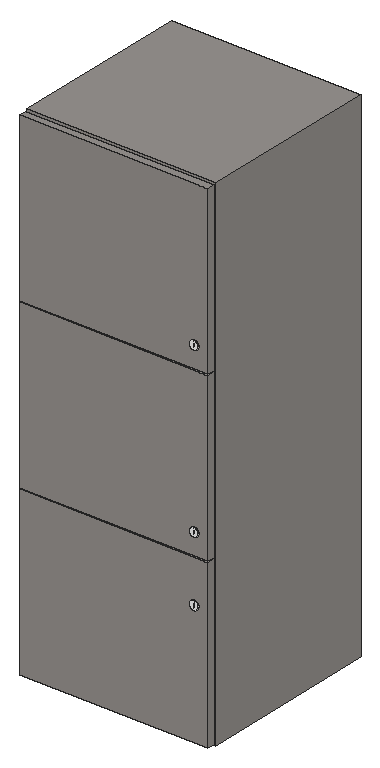
Revit family "Storage-Mounted-Teknion-BCLL_Cubic-with_Solid_Doors-Low_Secondary-R2015", category Furniture, Revit 2015
Parameters (values of type "18"d x 18"w x 66"h")
  Warranty = "http://www.teknion.com/ca/papers/legal-canada"
  Wardrobe [instance] = not(or([Semi-Opened], Individual Doors, File Drawer))  # no
  Unit Weight URL = "http://www.teknion.com/ca/tools/assets#&asset=bee6a381-b954-425e-8283-5a2de3a804f2,f828d448-4b62-4231-9e5f-9a8991c0ed77"
  URL = "www.teknion.com"
  Third Visibility [instance] = or(Individual Doors, File Drawer)  # yes
  Sustainability Data = "http://www.teknion.com/ca/tools/assets#&topic=216f99a5-57a0-44fc-b10a-9dee9b29ae4c&asset=444deb64-fe58-4b68-981e-f75e97781df7"
  Shelf Vertical Offset [instance] = if(Height = 66.000", 15.756", 17.836")  # 15.756"
  Series = "Expansion Casegoods"  # constant formula
  Semi-Opened [instance] = not(Fully Enclosed)  # no
  Second Lock Visibility [instance] = if(and(Wardrobe, Fully Enclosed), 1 < 2, if(and(Individual Doors, Fully Enclosed), 1 < 2, if(and(File Drawer, Fully Enclosed), 1 < 2, 1 > 2)))  # yes
  Second Drawer Visibility [instance] = if(and(Wardrobe, Fully Enclosed), 1 < 2, if(and(Individual Doors, Fully Enclosed), 1 < 2, if(and(File Drawer, Fully Enclosed), 1 < 2, 1 > 2)))  # yes
  Second Drawer Cut Hole Depth [instance] = if([Semi-Opened], 19.348", 0.500")  # 0.500"
  Product Page URL = "http://www.teknion.com/ca/products/product-details?productlineid=0053336e-8e7a-673b-a6c8-ff00004460c4"
  Product Line = "Expansion Casegoods"  # constant formula
  Product Documentation Link = "http://www.teknion.com/pricing/expansion-casegoods/pdfs/BCLL_ppg.pdf"
  Part Number = "BCLL"  # constant formula
  Model = "BCLL__181866"
  Manufacturer Phone = "416-661-3370"  # constant formula
  Manufacturer Fax = "416.661.4586"  # constant formula
  Manufacturer Contact Information = "http://www.teknion.com/ca/contactus"
  Manufacturer Address = "1150 Flint Road, Toronto, ON. M3J 2J5. Canada"  # constant formula
  Manufacturer = "Teknion"  # constant formula
  Individual Doors [instance] = yes
  Height = 66.000"
  Fully Enclosed [instance] = yes
  First Lock Visibility [instance] = or(Individual Doors, File Drawer)  # yes
  File Drawer [instance] = no
  Drawer Front Finish [instance] = Source Laminate - Teknion - DE - Latte
  Description = "Cubic Tower w Solid Doors-Low Sec Desk Mount,18\"d x 18\"w x 66\"h"
  Case Finish [instance] = Source Laminate - Teknion - DE - Latte
  Assembly Code = "E2020200"
  Actual Height = if(Height = 66.000", 65.165", 71.406")  # 65.165"
  2D Elevation Top and Bottom Door [instance] = not(Wardrobe)  # yes
Types (3): name | Wardrobe | Third Visibility | Shelf Vertical Offset | Model | Individual Doors | Height | First Lock Visibility | Description | Actual Height | 2D Elevation Top and Bottom Door
  (no name) | no | yes | 15.756" | "BCLL__181866" | yes | 66.000" | yes | "Cubic Tower w Solid Doors-Low Sec Desk Mount,18\"d x 18\"w x 66\"h" | 65.165" | yes
  18"d x 18"w x 66"h | no | yes | 15.756" | "BCLL__181866" | yes | 66.000" | yes | "Cubic Tower w Solid Doors-Low Sec Desk Mount,18\"d x 18\"w x 66\"h" | 65.165" | yes
  18"d x 18"w x 72"h | yes | no | 17.836" | "BCLL__181872" | no | 72.000" | no | "Cubic Tower w Solid Doors-Low Sec Desk Mount,18\"d x 18\"w x 72\"h" | 71.406" | no
Reference planes (in)
  plane 1 "Center Front/Back": y = 0
  plane 2: z = 0
  plane 3 "Center Left/Right": x = 0
  plane 4 "Left": x = -8.955
  plane 5 "Right": x = 8.955
  plane 6 "Back": y = 8.58071
  plane 7 "Front": y = -8.58071
  plane 8 "Top": z = 65.165
  plane 9: y = -8.7185
  plane 10: y = -9.41929
  plane 11: z = 49.2916
  plane 12: z = 49.17362
  plane 13: z = 33.41762
  plane 14: z = 33.29951
  plane 15: z = 17.54351
  plane 16: z = 65.04689
  plane 17: x = -8.254
  plane 18: x = 8.254
  plane 19: y = 7.87971
  plane 20: z = 17.4254
  plane 21: y = -11.4685
Forms (in)
  Extrusion 1, solid, material "Source Laminate - Teknion - DE - Latte" <- "Case Finish"
    sketch origin (0, 0, 0) x (1, 0, 0) y (0, 1, 0)
      loop
        line (-8.955, 8.58071) -> (-8.955, -8.58071) -> (8.955, -8.58071) -> (8.955, 8.58071) -> (-8.955, 8.58071)
    from 17.4254 to 65.165
  Extrusion 2, solid, material "Source Laminate - Teknion - DE - Latte" <- "Drawer Front Finish"
    sketch origin (-8.955, -8.7185, 48) x (-1, 0, 0) y (0, 0, 1)
      loop
        line (-0.05906, 17.04689) -> (-17.85094, 17.04689) -> (-17.85094, 1.2916) -> (-0.05906, 1.2916) -> (-0.05906, 17.04689)
    from 0 to -0.70079
  Extrusion 3, solid, material "Mica - Teknion - V - Satin - Very White", visible <- "First Lock Visibility"
    sketch origin (-8.955, -9.41929, 47.827) x (-1, 0, 0) y (0, 0, 1)
      loop
        line (-16.62063, 3.69968) -> (-16.62063, 3.32567) -> (-16.5222, 3.32567) -> (-16.5222, 3.69968) -> (-16.62063, 3.69968)
      loop
        circle (-16.57142, 3.51268) r 0.40008
    from 0 to -0.05906
  Extrusion 4, solid, material "Mica - Teknion - V - Satin - Very White", visible <- "Second Lock Visibility"
    sketch origin (-8.955, -9.41929, 31.92972) x (-1, 0, 0) y (0, 0, 1)
      loop
        line (-16.62063, 3.72298) -> (-16.62063, 3.34897) -> (-16.5222, 3.34897) -> (-16.5222, 3.72298) -> (-16.62063, 3.72298)
      loop
        circle (-16.57142, 3.53597) r 0.40008
    from 0 to -0.05906
  Extrusion 5, solid, material "Mica - Teknion - V - Satin - Very White", visible <- "Third Visibility"
    sketch origin (-8.955, -9.41929, 25.71283) x (-1, 0, 0) y (0, 0, 1)
      loop
        line (-16.62063, 3.72251) -> (-16.62063, 3.34849) -> (-16.5222, 3.34849) -> (-16.5222, 3.72251) -> (-16.62063, 3.72251)
      loop
        circle (-16.57142, 3.5355) r 0.40008
    from 0 to -0.05906
  Extrusion 6, solid, material "Source Laminate - Teknion - DE - Latte" <- "Drawer Front Finish", visible <- "Second Drawer Visibility"
    sketch origin (-8.955, -8.7185, 29.87293) x (-1, 0, 0) y (0, 0, 1)
      loop
        line (-0.05906, 19.30069) -> (-17.85094, 19.30069) -> (-17.85094, 3.54469) -> (-0.05906, 3.54469) -> (-0.05906, 19.30069)
    from 0 to -0.70079
  Extrusion 7, solid, material "Source Laminate - Teknion - DE - Latte" <- "Drawer Front Finish"
    sketch origin (-8.955, -8.7185, 11.91886) x (-1, 0, 0) y (0, 0, 1)
      loop
        line (-0.05906, 21.38065) -> (-17.85094, 21.38065) -> (-17.85094, 5.62465) -> (-0.05906, 5.62465) -> (-0.05906, 21.38065)
    from 0 to -0.70079
  Extrusion 8, void
    sketch origin (-8.955, -9.41929, 47.827) x (1, 0, 0) y (0, 0, 1)
      loop
        line (17.209, 1.34662) -> (0.701, 1.34662) -> (0.701, -14.40938) -> (17.209, -14.40938) -> (17.209, 1.34662)
    from 2.04921 to 1.54921
Cuts and joins
  Extrusion 8 cuts Extrusion 1
Lines and regions (in)
  Masking region 1
    outline origin (0, 0, 0) x (1, 0, 0) y (0, 1, 0)
      loop
        line (7.21649, -9.47835) -> (8.01649, -9.47835) -> (8.01649, -9.41929) -> (7.21649, -9.41929) -> (7.21649, -9.47835)
  Masking region 2
    outline origin (0, 0, 0) x (1, 0, 0) y (0, 1, 0)
      loop
        line (-8.955, 8.58071) -> (-8.955, -9.41929) -> (8.955, -9.41929) -> (8.955, 8.58071) -> (-8.955, 8.58071)
  symbolic lines, detail levels medium+fine
    curve 1: line (-8.955, -8.58071, 0) -> (8.955, -8.58071, 0)
    curve 2: line (8.955, -8.7185, 0) -> (-8.955, -8.7185, 0)
  symbolic lines, style "FurnitureHiddenLines", detail levels medium+fine
    curve 3: line (-8.254, 8.58071, 0) -> (-8.254, 7.87971, 0)
    curve 4: line (8.254, 7.87971, 0) -> (-8.254, 7.87971, 0)
    curve 5: line (8.254, 8.58071, 0) -> (8.254, 7.87971, 0)
  symbolic lines, style "FurnitureHiddenLines", visible <- "Semi-Opened", detail levels medium+fine
    curve 6: line (-8.254, 7.87971, 0) -> (-8.254, -8.58071, 0)
    curve 7: line (8.254, -10.9685, 0) -> (-8.254, -10.9685, 0)
    curve 8: line (8.254, -8.58071, 0) -> (8.254, -10.9685, 0)
  symbolic lines, style "FurnitureHiddenLines", visible <- "2D Elevation Top and Bottom Door"
    curve 9: line (8.89594, -9.41929, 65.04689) -> (-8.89594, -9.41929, 57.16925)
    curve 10: line (8.89594, -9.41929, 49.2916) -> (-8.89594, -9.41929, 57.16925)
    curve 13: line (8.89594, -9.41929, 17.54351) -> (-8.89594, -9.41929, 25.42151)
    curve 14: line (8.955, -9.41929, 33.29951) -> (-8.89594, -9.41929, 25.42151)
  symbolic lines, style "FurnitureHiddenLines", visible <- "Fully Enclosed"
    curve 11: line (8.89594, -9.41929, 33.41762) -> (-8.89594, -9.41929, 41.29562)
    curve 12: line (8.955, -9.41929, 49.17362) -> (-8.89594, -9.41929, 41.29562)
Dimensions and locks (in)
  locked: plane 4 "Left" to plane 5 "Right" at 17.91
  locked: plane 6 "Back" to plane 7 "Front" at 17.16142
  "Actual Height": plane 8 "Top" to level
  equal spacing: plane 4 "Left", plane 3 "Center Left/Right", plane 5 "Right"
  equal spacing: plane 7 "Front", plane 1 "Center Front/Back", plane 6 "Back"
  locked: plane 9 to plane 10 at 0.70079
  locked: plane 7 "Front" to plane 9 at 0.1378
  "Shelf Vertical Offset": plane 14 to plane 15
  "Shelf Vertical Offset": plane 12 to plane 13
  locked: plane 8 "Top" to plane 16 at 0.11811
  locked: plane 13 to plane 14 at 0.11811
  locked: plane 17 to plane 4 "Left" at 0.701
  locked: plane 18 to plane 5 "Right" at 0.701
  locked: plane 19 to plane 6 "Back" at 0.701
  locked: Extrusion 3 sketch curve to plane 11 at 2.04807
  locked: Extrusion 3 sketch curve to plane 5 "Right" at 1.33858
  Extrusion 3 sketch curve to Extrusion 3 sketch curve to plane 11 = 0.37402" locked, 1.86106" locked
  Extrusion 3 sketch curve to Extrusion 3 sketch curve to plane 5 "Right" = 0.09843" locked, 1.28937" locked
  locked: Extrusion 3 to plane 10 at 0.05906
  Extrusion 4 sketch curve to Extrusion 4 sketch curve to plane 13 = 0.37402" locked, 1.86106" locked
  Extrusion 4 sketch curve to Extrusion 4 sketch curve to plane 5 "Right" = 0.09843" locked, 1.28937" locked
  plane 14 to Extrusion 5 sketch curve to Extrusion 5 sketch curve = 3.86417" locked, 0.37402" locked
  Extrusion 5 sketch curve to Extrusion 5 sketch curve to plane 5 "Right" = 0.09843" locked, 1.28937" locked
  locked: Extrusion 4 sketch curve to plane 5 "Right" at 1.33858
  locked: Extrusion 5 sketch curve to plane 5 "Right" at 1.33858
  Masking region 1 sketch curve to Masking region 1 sketch curve to plane 5 "Right" = 0.800" locked, 0.93851" locked
  locked: plane 20 to plane 2 at 17.4254
  locked: plane 15 to plane 20 at 0.11811
  locked: Extrusion 2 sketch curve to plane 4 "Left" at 0.05906
  locked: Extrusion 2 sketch curve to plane 5 "Right" at 0.05906
  locked: plane 8 "Top" to Extrusion 2 sketch curve at 0.11811
  locked: Extrusion 7 sketch curve to plane 4 "Left" at 0.05906
  locked: Extrusion 7 sketch curve to plane 5 "Right" at 0.05906
  locked: plane 11 to plane 12 at 0.11798
  locked: Extrusion 6 sketch curve to plane 4 "Left" at 0.05906
  locked: Extrusion 6 sketch curve to plane 5 "Right" at 0.05906
  locked: plane 10 to plane 21 at 2.04921
  "Second Drawer Cut Hole Depth": Extrusion 8 to plane 21
  Extrusion 7 to Extrusion 7 = 15.756"
  Extrusion 8 to Extrusion 8 = 15.756"
  Extrusion 2 to Extrusion 2 = 15.75529"
  equal spacing: Extrusion 2, curve 10, Extrusion 2
  equal spacing: Extrusion 6, curve 12, Extrusion 8
  equal spacing: Extrusion 7, curve 14, Extrusion 7
  aligned and locked: level to plane 2
  aligned and locked: Extrusion 1 sketch curve to plane 4 "Left"
  aligned and locked: Extrusion 1 sketch curve to plane 6 "Back"
  aligned and locked: Extrusion 1 sketch curve to plane 5 "Right"
  aligned and locked: Extrusion 1 sketch curve to plane 7 "Front"
  aligned and locked: plane 8 "Top" to Extrusion 1
  aligned and locked: plane 11 to Extrusion 2 sketch curve
  aligned and locked: Extrusion 2 to plane 10
  aligned and locked: plane 9 to Extrusion 2
  aligned and locked: Extrusion 2 to plane 9
  aligned and locked: Extrusion 3 to plane 10
  aligned and locked: Masking region 1 sketch curve to plane 10
  aligned and locked: Masking region 2 sketch curve to plane 6 "Back"
  aligned and locked: Masking region 2 sketch curve to plane 4 "Left"
  aligned and locked: Masking region 2 sketch curve to plane 5 "Right"
  aligned and locked: Masking region 2 sketch curve to plane 10
  aligned and locked: Extrusion 1 to plane 20
  aligned and locked: Extrusion 7 sketch curve to plane 15
  aligned and locked: plane 14 to Extrusion 7 sketch curve
  aligned and locked: curve 3 to plane 17
  aligned and locked: curve 4 to plane 19
  aligned and locked: curve 5 to plane 18
  aligned and locked: Extrusion 6 sketch curve to plane 13
  aligned and locked: plane 12 to Extrusion 6 sketch curve
  aligned and locked: curve 2 to plane 9
  aligned and locked: curve 1 to plane 7 "Front"
  aligned and locked: Extrusion 8 sketch curve to plane 18
  aligned and locked: Extrusion 8 sketch curve to plane 12
  aligned and locked: Extrusion 8 sketch curve to plane 17
  aligned and locked: Extrusion 8 sketch curve to plane 13
  aligned and locked: plane 21 to Extrusion 8
  aligned and locked: curve 6 to cut or joined group of Extrusion 1, Extrusion 8
  aligned and locked: curve 7 to cut or joined group of Extrusion 1, Extrusion 8
  aligned and locked: cut or joined group of Extrusion 1, Extrusion 8 to curve 8
  aligned and locked: nested 1 to plane 3 "Center Left/Right"
  aligned and locked: nested 1 to plane 10
  aligned and locked: plane 16 to curve 9
  aligned and locked: Extrusion 2 to curve 9
  aligned and locked: Extrusion 2 to curve 10
  aligned and locked: plane 11 to curve 10
  aligned and locked: curve 10 to Extrusion 2
  aligned and locked: plane 12 to curve 12
  aligned and locked: plane 5 "Right" to curve 12
  aligned and locked: Extrusion 6 to curve 12
  aligned and locked: curve 11 to Extrusion 6
  aligned and locked: plane 13 to curve 11
  aligned and locked: plane 14 to curve 14
  aligned and locked: plane 5 "Right" to curve 14
  aligned and locked: Extrusion 7 to curve 14
  aligned and locked: curve 13 to Extrusion 7
  aligned and locked: plane 15 to curve 13
Automatic sketch dimensions
  Extrusion 4 sketch curve to Extrusion 4 sketch curve = 0.18701"
  Extrusion 5 sketch curve to Extrusion 5 sketch curve = 0.18701"
  curve 2 to plane 4 "Left" = 0.000"
  curve 1 to plane 4 "Left" = 0.000"
  curve 7 to plane 17 = 0.000"
  curve 1 to plane 5 "Right" = 0.000"
  curve 2 to plane 5 "Right" = 0.000"
  curve 5 to plane 6 "Back" = 0.000"
  curve 3 to plane 6 "Back" = 0.000"
  Masking region 1 sketch curve to Masking region 1 sketch curve = 0.05906"
  radius of Extrusion 3 sketch curve = 0.40008"
  radius of Extrusion 4 sketch curve = 0.40008"
  radius of Extrusion 5 sketch curve = 0.40008"
Nested families (in)
  nested 1: "Door-Swing_Symbol-Teknion-2D" at (0, -9.41929, 66.075) x (-1, 0, 0) z (0, 0, 1), type "Door-Swing_Symbol-Teknion-2D", detail levels fine
    with Swing Width 17.910"
Definition of nested family "Door-Swing_Symbol-Teknion-2D"
  Parameters (values of type "Door-Swing_Symbol-Teknion-2D")
    Swing Width [instance] = 13.4325"
  Reference planes (in)
    plane 1 "Center (Front/Back)": y = 0
    plane 2: z = 0
    plane 3 "Center (Left/Right)": x = 0
    plane 4: x = -6.71625
    plane 5: x = 6.71625
  Lines and regions (in)
    detail lines, in view "Ref. Level"
      curve 1: line (6.71625, 0, 0) -> (6.71625, -13.4325, 0)
      curve 2: arc (-6.71625, 0, 0) -> (-2.78196, -9.49821, 0) -> (6.71625, -13.4325, 0) r 13.4325
  Dimensions and locks (in)
    equal spacing: plane 4, plane 3 "Center (Left/Right)", plane 5
    "Swing Width": plane 4 to plane 5
    "Swing Width": curve 1 to plane 1 "Center (Front/Back)"
    "Swing Width": radius of curve 2
    aligned and locked: plane 1 "Center (Front/Back)" to curve 1
  Automatic sketch dimensions
    curve 2 to plane 4 = 0.000"
